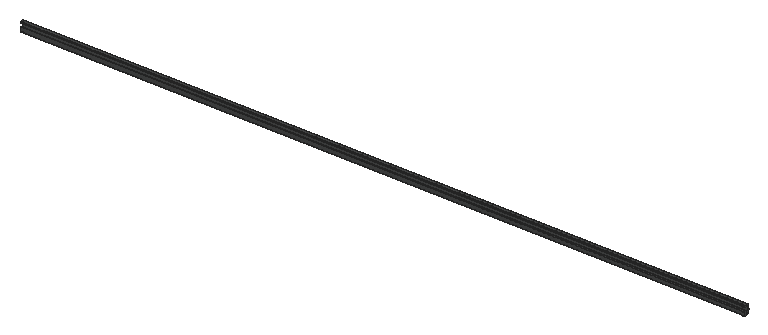
Revit family "AG_GM_AP2005", category Generic Models, Revit 2024
Family settings
  Can host rebar = No
  Round Connector Dimension = Use Diameter
  Part Type = Normal
  Work Plane-Based = No
  Always vertical = Yes
  Cut with Voids When Loaded = No
  Maintain Annotation Orientation = No
  Shared = No
  Room Calculation Point = No
Parameters (values of type "AP 2005")
  Weight (g) [instance] = 251 * (Length / 1000)  # 502 mm
  Wall mounting [instance] = "30mm, 50mm, 70mm, 90mm, 120mm, 140mm, 160mm, 190mm, 240mm"
  Operation [instance] = "Manual"
  Min. radius for bends [instance] = "100mm"
  Milling (free hand shape) [instance] = "Yes"
  Max. load (kg) [instance] = if(Length < 1001 mm, 5.5, if(Length < 2001 mm, 7, if(Length < 3001 mm, 8.5, if(Length < 4001 mm, 10, if(Length < 5001 mm, 11.5, 13)))))  # 7
  Max. Length (mm) [instance] = "5900"
  Length [instance] = 2000 mm
  Distance between brackets [instance] = "700mm"
  Dimensions [instance] = "10,5 x 25,0 mm"
  Default Elevation = 0 mm
  Ceiling mounting [instance] = "0mm"
  CO2 emissions (kg) [instance] = 2.3 * ([Weight (g)] / 1000)  # 1.155 mm
  Bending [instance] = "Yes"
  Base color for object [instance] = "RGB(2,4,3)"
Reference planes
  plane 1 "Center (Front/Back)": y = 0
  plane 2: z = 0
  plane 3 "Center (Left/Right)": x = 0
Forms (mm)
  Sweep 1, solid, material "Black"
    path origin (0, 0, 0) x (1, 0, 0) y (0, 1, 0)
      loop
        line (0, 0) -> (2000, 0)
    profile "AG_P_AP2005 : AG_P_AP2005" origin (1000, 0, 0) x (0, 1, 0) y (0, 0, 1)
      loop
        arc (-4.829, 0) -> (-5.182, -0.146) -> (-5.329, -0.5) r 0.5
        line (-5.329, -0.5) -> (-5.329, -3.185)
        arc (-5.329, -3.185) -> (-4.729, -3.785) -> (-4.129, -3.185) r 0.6
        line (-4.129, -3.185) -> (-4.129, -1.9)
        arc (-4.129, -1.9) -> (-3.982, -1.546) -> (-3.629, -1.4) r 0.5
        line (-3.629, -1.4) -> (2.123, -1.4) -> (2.123, -16.168) -> (-3.629, -16.168)
        arc (-3.629, -16.168) -> (-3.982, -16.022) -> (-4.129, -15.668) r 0.5
        line (-4.129, -15.668) -> (-4.129, -14.188)
        arc (-4.129, -14.188) -> (-4.729, -13.588) -> (-5.329, -14.188) r 0.6
        line (-5.329, -14.188) -> (-5.329, -24.4)
        arc (-5.329, -24.4) -> (-5.153, -24.824) -> (-4.729, -25) r 0.6
        line (-4.729, -25) -> (-3.373, -25) -> (-2.601, -24.752) -> (-3.844, -23.709) -> (-3.844, -18.143)
        arc (-3.844, -18.143) -> (-3.698, -17.789) -> (-3.344, -17.643) r 0.5
        line (-3.344, -17.643) -> (1.623, -17.643)
        arc (1.623, -17.643) -> (1.977, -17.789) -> (2.123, -18.143) r 0.5
        line (2.123, -18.143) -> (2.123, -23.709) -> (0.881, -24.752) -> (1.652, -25) -> (3.285, -25)
        arc (3.285, -25) -> (5.4, -12.5) -> (3.285, 0) r 38
        line (3.285, 0) -> (-4.829, 0)
Dimensions and locks
  "Length": plane 3 "Center (Left/Right)" to Sweep 1 sketch curve
  aligned and locked: level to plane 2
  aligned and locked: plane 1 "Center (Front/Back)" to Sweep 1 sketch curve
  aligned and locked: plane 3 "Center (Left/Right)" to Sweep 1 sketch curve
